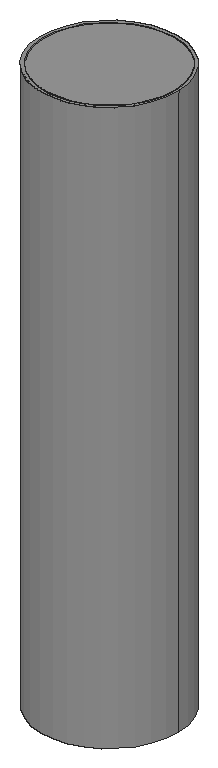
Revit family "Artemide_Tagora_Ceiling_80", category Apparecchi per illuminazione, Revit 2018
Family settings
  Quota connettore circolare = Usa diametro
  Tipo di parte = Normale
  Basato su piano di lavoro = Sì
  Sempre verticale = Sì
  Taglio con vuoti quando caricato = No
  Sorgente d'illuminazione = Sì
  Condiviso = No
  Punto di calcolo locali = No
Parameters
  Wattage = 14 W
  built-in parameter 1150110 = 1 (stored number, unit not read)
  Voltage = "-"
  built-in parameter 1114217 = 1 (stored number, unit not read)
  Tilt Angle = 90.00°
  built-in parameter 1150109 = 1 (stored number, unit not read)
  built-in parameter 1150134 = (empty or 0)
  built-in parameter 1150113 = 1 (stored number, unit not read)
  Radius_InternalCylinder = Radius_ExternalCyilinder - 2 mm  # 38 mm
  Radius_ExternalCyilinder = 40 mm
  Product Range = "Tagora"
  File diagramma fotometrico = "AB08356.IES"
  Max Height from ceiling = 0 mm
  M_HousingCylinder = Artemide_Aluminum_Grey
  M_Housing = Artemide_Aluminum_White
  M_Diffuser = Artemide_Glass_LightBulb
  built-in parameter 1150105 = 80.816 (stored number, unit not read)
  Lumens = 1015.56 lm
  built-in parameter 1150115 = 1 (stored number, unit not read)
  built-in parameter 1150137 = (empty or 0)
  built-in parameter 1150139 = (empty or 0)
  built-in parameter 1150112 = 1 (stored number, unit not read)
  built-in parameter 1150114 = 1 (stored number, unit not read)
  built-in parameter 1150132 = (empty or 0)
  built-in parameter 1150102 = (empty or 0)
  built-in parameter 1150107 = 3000 (stored number, unit not read)
  built-in parameter 1150138 = (empty or 0)
  built-in parameter 1150106 = 0.80816 (stored number, unit not read)
  IfcExportType = "NOT DEFINED"  # constant formula
  IfcExportAs = "IfcLightFixtureType"  # constant formula
  Weekly = "-"
  Warranty ID = "https://cloud.artemide.com/5-years-warranty"
  Upward Component  = 0
  Unified Glare Rating  = "-"
  Uniclass 2015 = "Pr_70_70_48"  # constant formula
  URL to O&M Manual = "https://www.artemide.com/contents/documenti/prodotto/tagora_soffitto_80_instructions4134420.pdf"
  URL to Energy Technology List = "-"
  Total Power = 0
  Total Light Output  = 0
  Testing method = "-"
  Supply Phase = 0
  Suitable for Photocell Control = "-"
  Suitable for Motion Detector Control = "N"
  Suitable for Dimming  = "Y"
  Suitable Dimmer Type = "DALI"
  Standards = "-"
  Shipping Weight = 0
  Service life  = "-"
  Secondary Rated Lamp Life = 0
  Secondary Lamp Voltage = 0
  Secondary Lamp International Type Code = "-"
  Secondary Lamp Initial Lumens  = 0
  Secondary Lamp Included = "-"
  Secondary Lamp Efficacy = 0
  Secondary Lamp Colour Temperature = 0
  Secondary Lamp Colour Rendering Index = 0
  Secondary Lamp Cap = "-"
  Secondary Lamp = "-"
  Responsible Sourcing of Materials = "-"
  Responsible Extraction of Materials = "-"
  Rated Lamp Life = 50000
  Quarterly = "-"
  Product Model Number = "AB08356"
  Product Literature = "https://www.artemide.com/en/subfamily/1684426/tagora-ceiling-80"
  Primary Lamp Type = "LED"
  Power Supply Kit = "-"
  Power Factor = 0
  Photocell = "-"
  Overall Width = 0
  Overall Light Output Ratio = 0
  Overall Length = 80
  Overall Height = 330
  Output Lumens Indirect light = 0
  Output Lumens Direct light = 1016
  Number of Secondary Lamps = 0
  Number of Primary Lamps = 1
  Number of Poles = 0
  Motion Sensor = "-"
  Motion Detector = "-"
  Monthly = "-"
  Minimum Operating Temperature = 0
  Maximum Operating Temperature = 0
  Material Ingredient Reporting = "-"
  Manufacturer Website = "https://www.artemide.com"
  Produttore = "Artemide"
  Maintenance Required: 8001-12000hrs  = "-"
  Maintenance Required: 601-1000hrs = "-"
  Maintenance Required: 4001-8000hrs  = "-"
  Maintenance Required: 301-600hrs  = "-"
  Maintenance Required: 2001-4000hrs  = "-"
  Maintenance Required: 1001-2000hrs  = "-"
  Maintenance Required: 0-300hrs  = "-"
  Luminance at 65deg Angle = 0
  Luminaire Type = "Ceiling lamp"
  Luminaire Maintenance Factor = 0
  Luminaire Cleaning Interval  = "-"
  Louvre/Lens = "-"
  Location of Manufacturer = "-"
  Light Output Pattern = "-"
  Light Fixture Mounting Type = "Ceiling"
  Life Cycle Analysis = "-"
  Lamp Survival Factor = "-"
  Lamp Replacement Interval = "-"
  Lamp Included = "Y"
  Lamp Cap = "LED Integrated"
  LED lifetime = 60000
  LED Maintained Colour Variation         = 0
  LED Initial Colour Variation                      = 0
  International Type Code = "-"
  Intended Market = "Unset"
  Integral Fuse or Circuit Protection  = "-"
  Integral Emergency Lighting Battery Type = "-"
  Input Lumens Indirect light = 0
  Input Lumens Direct light = 1489
  Initial Lumens = 1016
  Infills = "-"
  IP Rating = "IP20"
  IK Rating = "-"
  IES Files  = "https://www.artemide.com/product/downloadFile/4132998/ieseu/4887742"
  Housing Material = "Aluminium"
  Housing Finish  = "Painted"
  Housing Colour  = "Grey/White"
  Hazardous Area Protection Type = "-"
  Hazardous Area Category = "-"
  Gross Weight = 1.4
  Green Guide for Specification = "-"
  Frequency  = 0
  Fixings = "-"
  Fire Shroud = "-"
  Fire Rating Duration = 0
  Fire Rated Temperature = 0
  Fire Rated = "-"
  Features = "Any additional components/accessories included in this file are required to complete the product/configuration and must be ordered separately.Please check the catalogue/dedicated brochure for more information"
  Face Width = 0
  Face Shape = "Cylindrical"
  Face Length = 0
  External Control Line Voltage = 0
  Expected Life = "-"
  Environmental Product Declaration = "-"
  End Caps/Transition Caps/Joints = "-"
  Emit from Circle Diameter = 38.3 mm
  Rendi la forma visibile nel rendering = no
  Emergency light output percentage = 0
  Emergency Lighting Battery = "-"
  Emergency Charging Power       = 0
  Emergency = "N"
  Embodied Carbon  = 0
  Efficiency = 68
  built-in parameter 1150104 = 6.7392 (stored number, unit not read)
  Earth Point  = "-"
  ENEC Certification of European conformity = "N"
  Duration of Integral Emergency Lighting  = 0
  Drive Current                                          = 0
  Downward Component = 0
  Distance_HeightLamp = 330.018 mm
  Variazione temperatura colore lampada con luminosità attenuata = <Nessuno>
  Diffusing screen = "-"
  Designed by = "S./R. Cornelissen"
  Default Elevation = 1219.2 mm
  Daylight Sensor = "-"
  Daily = "-"
  Cut Out Width = 0
  Cut Out Length = 0
  Current  = 0
  Control Gear Type = "-"
  Control Gear Standby Power  = 0
  Control Gear Required = "-"
  Control Gear Location = "-"
  Column = "-"
  Colour Temperature = 3000
  Colour Rendering Index = 90
  Filtro dei colori = 16777215
  CE Approval = "Y"
  Bespoke Timeframe = "-"
  Beam Angle Transverse Axis  = 0.00°
  Beam Angle Longditudinal Axis  = 0.00°
  Basis of lifetime luminaire failures        = 0
  Basis of lifetime lumen depreciation   = 0
  built-in parameter 1114218 = 1 (stored number, unit not read)
  built-in parameter 1150133 = 10 (stored number, unit not read)
  Application Environment = "Internal"
  Annually = "-"
  Ambient Temperature                             = 0
  Air Handling = "-"
  Access Clearance Top = 0
  Access Clearance Right = 0
  Access Clearance Rear = 0
  Access Clearance Left = 0
  Access Clearance Front = 0
  Access Clearance Bottom = 0
  6 Monthly = "-"
Reference planes
  plane 1 "Center (Front/Back)": y = 0
  plane 2 "Top Lamp": z = 0
  plane 3 "Center (Left/Right)": x = 0
  plane 4 "Middle Internal Cone": z = -297.3
  plane 5: z = -298.37
  plane 6 "Bottom Lamp": z = -330.018
  plane 7 "Light": z = -283.37
  plane 8: z = -1.5
Forms (mm)
  Revolve 1, solid, material "Artemide_Glass_LightBulb" <- "M_Diffuser"
    sketch origin (0, 0, -330.018) x (1, 0, 0) y (0, 0, 1)
      loop
        line (-20.18, 31.648) -> (0, 31.648) -> (0, 32.718) -> (-20.18, 32.718) -> (-20.18, 31.648)
      axis (0, 32.718) -> (0, 31.648)
    angle from 0 to 360
  Revolve 2, solid, material "Artemide_Aluminum_White" <- "M_Housing"
    sketch origin (0, 0, -330.018) x (1, 0, 0) y (0, 0, 1)
      loop
        line (-20.168, 32.718) -> (-21.953, 32.718) -> (-38, 0) -> (-36.215, 0) -> (-20.168, 32.718)
      axis (0, 32.718) -> (0, 0)
    angle from 0 to 360
  Extrusion 3, solid, material "Artemide_Aluminum_Grey" <- "M_HousingCylinder"
    sketch origin (0, 0, 0) x (1, 0, 0) y (0, 1, 0)
      loop
        circle (0, 0) r 40
      loop
        circle (0, 0) r 38
    from -330.018 to 0
  Extrusion 4, solid, material "Artemide_Aluminum_Grey" <- "M_HousingCylinder"
    sketch origin (0, 0, 0) x (1, 0, 0) y (0, 1, 0)
      loop
        circle (0, 0) r 38
    from -1.5 to 0
Dimensions and locks
  plane 7 "Light" to plane 4 "Middle Internal Cone" to plane 5 to plane 6 "Bottom Lamp" = 13.93 mm locked, 1.07 mm locked, 31.648 mm locked
  locked: plane 2 "Top Lamp" to plane 8 at 1.5
  "Distance_HeightLamp": plane 2 "Top Lamp" to plane 6 "Bottom Lamp"
  "Radius_ExternalCyilinder": radius of Extrusion 3 sketch curve
  "Radius_InternalCylinder": radius of Extrusion 3 sketch curve
  "Radius_InternalCylinder": radius of Extrusion 4 sketch curve
  aligned and locked: level to plane 2 "Top Lamp"
  aligned and locked: Revolve 1 sketch curve to plane 4 "Middle Internal Cone"
  aligned and locked: Revolve 1 sketch curve to plane 5
  aligned and locked: Revolve 1 sketch curve to plane 3 "Center (Left/Right)"
  aligned and locked: plane 4 "Middle Internal Cone" to Revolve 2 sketch curve
  aligned and locked: Revolve 2 sketch curve to plane 3 "Center (Left/Right)"
  aligned and locked: plane 7 "Light" to imposter light
  aligned and locked: plane 3 "Center (Left/Right)" to imposter light
  aligned and locked: imposter light to plane 1 "Center (Front/Back)"
  aligned and locked: plane 3 "Center (Left/Right)" to Extrusion 3 sketch curve  (x2)
  aligned and locked: plane 1 "Center (Front/Back)" to Extrusion 3 sketch curve  (x2)
  aligned and locked: plane 2 "Top Lamp" to Extrusion 3
  aligned and locked: plane 3 "Center (Left/Right)" to Extrusion 4 sketch curve
  aligned and locked: plane 1 "Center (Front/Back)" to Extrusion 4 sketch curve
  aligned and locked: plane 2 "Top Lamp" to Extrusion 4
  aligned and locked: Extrusion 4 to plane 8
  aligned and locked: Extrusion 3 to plane 6 "Bottom Lamp"
  aligned and locked: Revolve 2 sketch curve to plane 6 "Bottom Lamp"
Automatic sketch dimensions
  Revolve 1 sketch curve to plane 3 "Center (Left/Right)" = 0 mm
  Revolve 1 sketch curve to Revolve 1 sketch curve = 20.18 mm
  Revolve 1 sketch curve to plane 6 "Bottom Lamp" = 366.045 mm
  level to Revolve 1 sketch curve = 1884.297 mm
  Revolve 2 sketch curve to plane 3 "Center (Left/Right)" = 20.168 mm
  Revolve 2 sketch curve to Revolve 2 sketch curve = 1.785 mm  (x2)
  Revolve 2 sketch curve to Revolve 2 sketch curve = 14.262 mm
  Revolve 2 sketch curve to plane 6 "Bottom Lamp" = 366.045 mm
  level to Revolve 2 sketch curve = 1884.297 mm
